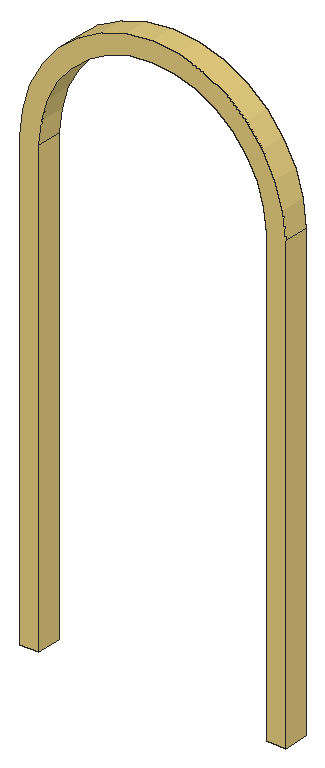
Revit family "DSP_A3-FUA", category Doors, host Wall, Revit 2016
Family settings
  Host = Wall
  Always vertical = Yes
  Cut with Voids When Loaded = No
  Shared = No
  Room Calculation Point = No
Parameters (values of type "Door")
  URL for TCP = "http://www.tcpbim.co.za"
  URL = "http://www.a3architects.co.za/"
  Radius = Width / 2  # 474.5 mm
  Manufacturer = "A3 Architects"
  Made by = "Tolani Civil Projects cc"
  Height = 2100 mm
  Wall Closure = By host
  Width = 949 mm
  Function = Interior
  Frame Thickness = 68 mm
  Frame Material = Meranti Wood
  Frame Depth = 90 mm
Reference planes
  plane 1 "Center Wall": y = 0
  plane 2 "Center (Left/Right)": x = 0
  plane 3 "Left": x = -474.5
  plane 4 "Right": x = 474.5
  plane 5: z = 2100
  plane 6 "Exterior": y = 75
  plane 7 "Interior": y = -75
Forms (mm)
  Sweep 1, solid, material "Meranti Wood" <- "Frame Material", detail levels medium+fine
    path origin (0, 0, 0) x (1, 0, 0) y (0, 0, 1)
      loop
        line (-474.5, 0) -> (-474.5, 1625.5)
        arc (-474.5, 1625.5) -> (0, 2100) -> (474.5, 1625.5) r 474.5
        line (474.5, 1625.5) -> (474.5, 0)
    profile origin (474.5, 0, 812.75) x (0, -1, 0) y (1, 0, 0)
      loop
        line (-45, -68) -> (45, -68) -> (45, 0) -> (-45, 0) -> (-45, -68)
Lines and regions (mm)
  Opening 1
    outline origin (-3050, -75, 0) x (1, 0, 0) y (0, 0, 1)
      loop
        line (2575.5, 0) -> (3524.5, 0) -> (3524.5, 1625.5)
        arc (3524.5, 1625.5) -> (3050, 2100) -> (2575.5, 1625.5) r 474.5
        line (2575.5, 1625.5) -> (2575.5, 0)
Text (mm)
  text "Exterior" at (-2295.016, 1099.543, 0), in view "Ref. Level"
  text "Exterior" at (0, 1615.38, 3698.081), in view "Left"
  text "Exterior" at (0, 1036.032, 3874.932), in view "Right"
Dimensions and locks
  equal spacing: plane 3 "Left", plane 2 "Center (Left/Right)", plane 4 "Right"
  "Width": plane 3 "Left" to plane 4 "Right"
  "Height": plane 5 to host wall
  host wall to plane 5 = 2100 mm  (x2)
  locked: plane 6 "Exterior" to host wall at 0
  locked: plane 7 "Interior" to host wall
  "Frame Thickness": Sweep 1 sketch curve to Sweep 1 sketch curve
  equal spacing: Sweep 1 sketch curve, plane 1 "Center Wall", Sweep 1 sketch curve
  "Frame Depth": Sweep 1 sketch curve to Sweep 1 sketch curve
  "Radius": Opening 1 sketch curve to plane 5
  "Radius": radius of Opening 1 sketch curve
  aligned and locked: plane 3 "Left" to Opening 1 sketch curve
  aligned and locked: Opening 1 sketch curve to plane 4 "Right"
  aligned and locked: Opening 1 sketch curve to level
  aligned and locked: plane 1 "Center Wall" to host wall
  aligned and locked: level to Sweep 1 sketch curve  (x2)
  aligned and locked: plane 4 "Right" to Sweep 1 sketch curve
  aligned and locked: Sweep 1 sketch curve to host wall
